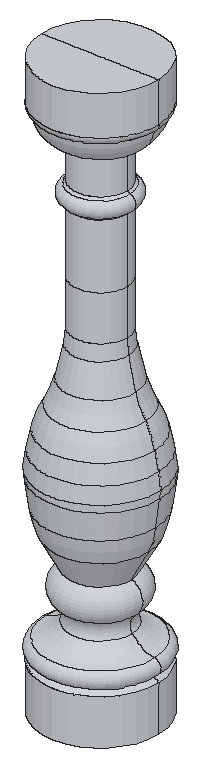
Revit family
Parameters (values of type "Balustrade G26")
  Width = 0' - 5 1/8"
  URL = "www.strombergarchitectural.com"
  Top Material = none
  Submittal Sheet = "www.strombergarchitectural.com/images/materials/gfrc/submittal/gfrc-submittal-sheet.pdf"
  Specifications = "www.strombergarchitectural.com/gfrcspecifications"
  Model Cut-sheet = "http://www.strombergarchitectural.com/products/balustrade/design/G26"
  Model = "Balustrade G26"
  Manufacturer = "Stromberg Architectural Products"
  Guidebook = "www.strombergarchitectural.com/images/materials/gfrc/handbooks/gfrc_guidebook.pdf   \r\n(http://www.strombergarchitectural.com/images/materials/gfrc/handbooks/gfrc_guidebook.pdf"
  Description = "GFRC Baluster"
  Assembly Code = ""
  Height = 2' - 1 9/16"
  XXX.5 = no
  XXX.4 = no
  XXX.3 = no
  XXX.2 = no
  XXX.1 = yes
Reference planes (in)
  plane 1 "Center (Front/Back)": y = 3.74847
  plane 2: z = 0
  plane 3 "Center (Left/Right)": x = 0.7278
  plane 4 "Front": y = -3.25153
  plane 5 "Back": y = 10.74847
  plane 6 "Left": x = -17.2722
  plane 7 "Right": x = 18.7278
Forms (in)
  Revolve 1, solid
    sketch origin (0, 3.74847, 0) x (1, 0, 0) y (0, 0, 1)
      loop
        line (0.7278, 25.5625) -> (-1.8347, 25.5625) -> (-1.8347, 23.81118)
        arc (-1.8347, 23.81118) -> (-1.79155, 23.64081) -> (-1.66084, 23.52332) r 0.30195
        arc (-1.66084, 23.52332) -> (-1.25033, 22.72785) -> (-0.45866, 22.31005) r 1.49335
        line (-0.45866, 22.31005) -> (-0.45866, 20.75363)
        arc (-0.45866, 20.75363) -> (-0.50001, 20.68684) -> (-0.56549, 20.64345) r 0.18362
        arc (-0.56549, 20.64345) -> (-0.8028, 20.3068) -> (-0.56549, 19.97015) r 0.35744
        arc (-0.56549, 19.97015) -> (-0.49813, 19.92859) -> (-0.45866, 19.85997) r 0.16121
        line (-0.45866, 19.85997) -> (-0.45866, 17.01281) -> (-0.45866, 15.01131)
        arc (-0.45866, 15.01131) -> (-0.47399, 14.68088) -> (-0.51982, 14.35329) r 3.57057
        arc (-0.51982, 14.35329) -> (-0.66199, 13.67806) -> (-0.83395, 13.0098) r 15.56387
        arc (-0.83395, 13.0098) -> (-1.00828, 12.50032) -> (-1.23816, 12.01337) r 4.83843
        arc (-1.23816, 12.01337) -> (-1.47036, 11.52212) -> (-1.64706, 11.00829) r 4.92691
        arc (-1.64706, 11.00829) -> (-1.74612, 10.6176) -> (-1.82338, 10.22202) r 7.27007
        arc (-1.82338, 10.22202) -> (-1.87143, 9.86574) -> (-1.89725, 9.50716) r 5.78278
        arc (-1.89725, 9.50716) -> (-1.89717, 9.35316) -> (-1.88439, 9.19968) r 1.8656
        arc (-1.88439, 9.19968) -> (-1.80328, 8.60194) -> (-1.70961, 8.00603) r 28.66795
        arc (-1.70961, 8.00603) -> (-1.58381, 7.46873) -> (-1.39094, 6.95171) r 4.34545
        arc (-1.39094, 6.95171) -> (-1.04493, 6.26796) -> (-0.63512, 5.62043) r 8.00446
        arc (-0.63512, 5.62043) -> (-1.11656, 5.01148) -> (-0.81334, 4.29688) r 0.7611
        arc (-0.81334, 4.29688) -> (-0.59313, 3.93533) -> (-0.64873, 3.51566) r 0.63584
        arc (-0.64873, 3.51566) -> (-1.09102, 3.11247) -> (-1.65011, 2.89891) r 1.60832
        arc (-1.65011, 2.89891) -> (-1.90368, 2.51756) -> (-1.58451, 2.18915) r 0.36462
        line (-1.58451, 2.18915) -> (-1.8347, 2.00151) -> (-1.8347, 0) -> (0.7278, 0) -> (0.7278, 25.5625)
      axis (0.7278, 25.5625) -> (0.7278, 0)
    angle from 0 to 360
Dimensions and locks (in)
  aligned and locked: level to plane 2
